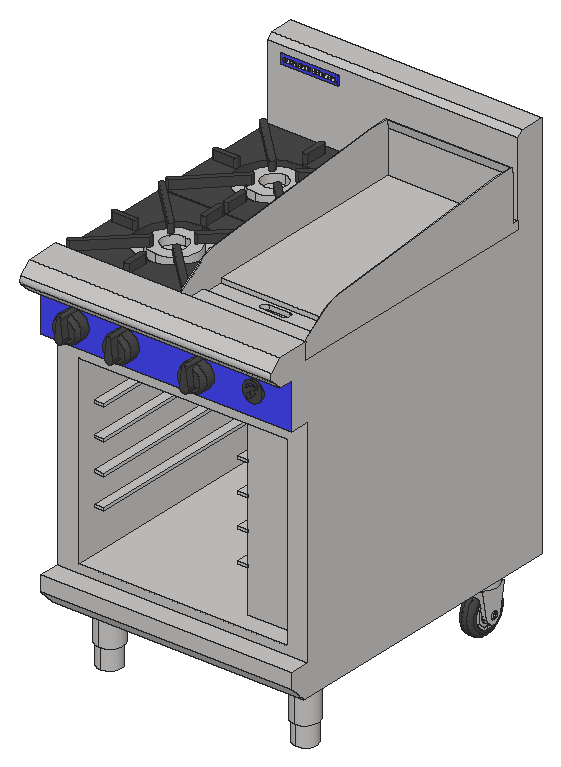
Revit family "QF_MOFFAT_BLUESEAL_CE_G514C-CB", category Specialty Equipment, Revit 2012
Parameters
  Weight in Pounds = 173  # constant formula
  Width [instance] = 600.00 mm  # constant formula
  URL Cutsheet = "www.moffat.com"
  URL = "www.moffat.com"
  Type Mark [instance] = ""
  Status [instance] = ""
  Specification by User [instance] = ""
  Specification by Manufacturer = ""
  Show Logo [instance] = yes
  Show Casters [instance] = yes
  Serial Number = ""
  Seismic Rating = ""
  SMACNA No = ""
  Revision Code [instance] = ""
  Omniclass Number and Title = ""
  NAFEM Spec ID Number = ""
  Model = "G514C-CB"
  Mechanical Remarks = ""
  Mechanical Connection Type = ""
  Masterspec = ""
  Manufacturer = "MOFFAT BLUESEAL"
  Legs [instance] = not(Show Casters)  # no
  Item Number [instance] = ""
  Installed By [instance] = ""
  Identify Quantity as Lot [instance] = yes
  Height = 1085.00 mm  # constant formula
  Gas Size = 3/4"
  Gas RI Height = 0.00 mm
  Gas KW = 21
  Gas Input = 72034.0 Btu/h
  Gas Connection Height = 0.00 mm
  Furnished By [instance] = ""
  Foodservice Equipment Identifier [instance] = yes
  Description = "600MM GAS GRIDDLE PLATE ON CABINET BASE"
  Depth [instance] = 812.00 mm  # constant formula
  CSI MasterFormat = ""
  CSI Master Format = ""
  Back Splash [instance] = 215.00 mm  # constant formula
Reference planes
  plane 1 "BACK": y = 0
  plane 2: z = 0
  plane 3 "LEFT": x = 0
  plane 4 "RIGHT": x = 600
  plane 5 "FRONT": y = -812
  plane 6 "TOP": z = 970
  plane 7 "Center Y": x = 300
  plane 8 "Center X": y = -406
  plane 9 "Base Height": z = 150
  plane 10: z = 915
  plane 11: x = 65
  plane 12: x = 534
  plane 13: y = -625
  plane 14: y = -100
  plane 15: x = 470
  plane 16: z = 655
  plane 17: y = -32
  plane 18: z = 1085
Forms (mm)
  Extrusion 1, solid, material "QF_Finishes_Stainless Steel"
    sketch origin (0, 0, 0) x (0, 1, 0) y (0, 0, 1)
      loop
        line (-100, 150) -> (0, 150) -> (0, 1085) -> (-57.5, 1085) -> (-70, 1072.5) -> (-70, 875) -> (-705, 875) -> (-705, 915) -> (-783.97, 915) -> (-808.485, 890.485)
        arc (-808.485, 890.485) -> (-811.999, 882) -> (-808.485, 873.515) r 12
        line (-808.485, 873.515) -> (-784.97, 850) -> (-749, 850) -> (-749, 740) -> (-100, 740) -> (-100, 150)
      loop
        line (-749, 186) -> (-713, 150) -> (-699, 150) -> (-699, 222.5) -> (-749, 222.5) -> (-749, 186)
    from 0 to 600
  Revolve 2, solid, material "QF_Finishes_Stainless Steel", visible <- "Legs"
    sketch origin (534, -210, 0) x (0, 1, 0) y (0, 0, -1)
      loop
        line (78.25, -150) -> (110, -150) -> (110, 0) -> (82.5, 0) -> (82.5, -50) -> (78.25, -50) -> (78.25, -150)
      axis (110, -150) -> (110, 0)
    angle from 0 to 360
  Revolve 3, solid, material "QF_Finishes_Stainless Steel"
    sketch origin (534, -735, 0) x (0, 1, 0) y (0, 0, -1)
      loop
        line (78.25, -150) -> (110, -150) -> (110, 0) -> (82.5, 0) -> (82.5, -50) -> (78.25, -50) -> (78.25, -150)
      axis (110, -150) -> (110, 0)
    angle from 0 to 360
  Revolve 4, solid, material "QF_Finishes_Stainless Steel", visible <- "Legs"
    sketch origin (65, -210, 0) x (0, 1, 0) y (0, 0, -1)
      loop
        line (78.25, -150) -> (110, -150) -> (110, 0) -> (82.5, 0) -> (82.5, -50) -> (78.25, -50) -> (78.25, -150)
      axis (110, -150) -> (110, 0)
    angle from 0 to 360
  Revolve 5, solid, material "QF_Finishes_Stainless Steel"
    sketch origin (65, -735, 0) x (0, 1, 0) y (0, 0, -1)
      loop
        line (78.25, -150) -> (110, -150) -> (110, 0) -> (82.5, 0) -> (82.5, -50) -> (78.25, -50) -> (78.25, -150)
      axis (110, -150) -> (110, 0)
    angle from 0 to 360
  Revolve 6, solid, material "QF_Finishes_Black"
    sketch origin (90, 7, 600) x (0, 1, 0) y (0, 0, -1)
      loop
        line (-789, -229.5) -> (-766, -229.5) -> (-766, -202) -> (-756, -202) -> (-756, -197) -> (-800, -197) -> (-800, -223.651) -> (-789, -229.5)
      axis (-800, -197) -> (-756, -197)
    angle from 0 to 360
  Extrusion 7, solid, material "QF_Finishes_Black"
    sketch origin (228.27, 0, 600.158) x (-1, 0, 0) y (0, 0, -1)
      loop
        line (143.2, -228.94) -> (148.689, -184.854)
        arc (148.689, -184.854) -> (137.617, -174.355) -> (127.782, -186.021) r 10.487
        line (127.782, -186.021) -> (133.203, -228.94)
        arc (133.203, -228.94) -> (138.201, -233.827) -> (143.2, -228.94) r 5
    from 759 to 808
  Extrusion 8, solid, material "QF_Finishes_Stainless Steel"
    sketch origin (0, -699, 685) x (1, 0, 0) y (0, -1, 0)
      loop
        circle (470, -667) r 13.5
    from -55 to 30
  Extrusion 9, solid, material "QF_Finishes_Stainless Steel"
    sketch origin (0, -100, 685) x (0, 0, 1) y (-1, 0, 0)
      loop
        line (-535, 0) -> (-535, -600) -> (55, -600) -> (55, 0) -> (-535, 0)
      loop
        line (0, -50) -> (-442.5, -50) -> (-442.5, -550) -> (0, -550) -> (0, -50)
    from 0 to 599
  Extrusion 10, solid, material "QF_Finishes_Stainless Steel"
    sketch origin (0, -100, 685) x (0, 0, 1) y (-1, 0, 0)
      loop
        line (-266.25, -50) -> (-266.25, -75) -> (-259.9, -75) -> (-259.9, -50) -> (-266.25, -50)
      loop
        line (-184.9, -75) -> (-184.9, -50) -> (-191.25, -50) -> (-191.25, -75) -> (-184.9, -75)
      loop
        line (-341.25, -50) -> (-341.25, -75) -> (-334.9, -75) -> (-334.9, -50) -> (-341.25, -50)
      loop
        line (-109.9, -75) -> (-109.9, -50) -> (-116.25, -50) -> (-116.25, -75) -> (-109.9, -75)
      loop
        line (-266.25, -419.5) -> (-259.9, -419.5) -> (-259.9, -394.5) -> (-266.25, -394.5) -> (-266.25, -419.5)
      loop
        line (-184.9, -394.5) -> (-191.25, -394.5) -> (-191.25, -419.5) -> (-184.9, -419.5) -> (-184.9, -394.5)
      loop
        line (-341.25, -419.5) -> (-334.9, -419.5) -> (-334.9, -394.5) -> (-341.25, -394.5) -> (-341.25, -419.5)
      loop
        line (-109.9, -394.5) -> (-116.25, -394.5) -> (-116.25, -419.5) -> (-109.9, -419.5) -> (-109.9, -394.5)
    from 0 to 554
  Extrusion 11, solid, material "QF_Finishes_Stainless Steel"
    sketch origin (0, -100, 685) x (0, 0, 1) y (-1, 0, 0)
      loop
        line (0, -550) -> (0, -419.5) -> (-442.5, -419.5) -> (-442.5, -550) -> (0, -550)
    from 546.898 to 554
  Extrusion 12, void
    sketch origin (0, 0, 150) x (-1, 0, 0) y (0, -1, 0)
      loop
        line (-535.614, 87.26) -> (-535.614, -30.24) -> (-406.114, -30.24) -> (-406.114, 38.76) -> (-454.614, 87.26) -> (-535.614, 87.26)
    from 72.5 to 590
  Revolve 13, solid, material "QF_Finishes_Black"
    sketch origin (390, 7, 600) x (0, 1, 0) y (0, 0, -1)
      loop
        line (-789, -229.5) -> (-766, -229.5) -> (-766, -202) -> (-756, -202) -> (-756, -197) -> (-800, -197) -> (-800, -223.651) -> (-789, -229.5)
      axis (-800, -197) -> (-756, -197)
    angle from 0 to 360
  Extrusion 14, solid, material "QF_Finishes_Black"
    sketch origin (528.27, 0, 600.158) x (-1, 0, 0) y (0, 0, -1)
      loop
        line (143.2, -228.94) -> (148.689, -184.854)
        arc (148.689, -184.854) -> (137.617, -174.355) -> (127.782, -186.021) r 10.487
        line (127.782, -186.021) -> (133.203, -228.94)
        arc (133.203, -228.94) -> (138.201, -233.827) -> (143.2, -228.94) r 5
    from 759 to 808
  Extrusion 15, solid, material "QF_Finishes_Black"
    sketch origin (0, -749, 850) x (0, 0, -1) y (1, 0, 0)
      loop
        circle (53, 510) r 23.9
      loop
        arc (45.641, 518.419) -> (46.501, 523.219) -> (41.701, 524.079) r 3.448
        arc (41.701, 524.079) -> (35.116, 509.341) -> (42.919, 495.209) r 18.095
        arc (42.919, 495.209) -> (47.641, 496.491) -> (46.326, 501.204) r 3.448
        arc (46.326, 501.204) -> (42.758, 509.683) -> (45.641, 518.419) r 13.109
    from 0 to 5
  Revolve 16, solid, material "QF_Finishes_Stainless Steel", visible <- "Legs"
    sketch origin (65, -165, 0) x (0, 1, 0) y (0, 0, 1)
      loop
        line (34.25, 150) -> (34.25, 50) -> (38.5, 50) -> (38.5, 0) -> (66, 0) -> (66, 150) -> (34.25, 150)
      axis (66, 150) -> (66, 0)
    angle from 0 to 360
  Revolve 17, solid, material "QF_Finishes_Stainless Steel", visible <- "Legs"
    sketch origin (535, -165, 0) x (0, 1, 0) y (0, 0, -1)
      loop
        line (34.25, -150) -> (66, -150) -> (66, 0) -> (38.5, 0) -> (38.5, -50) -> (34.25, -50) -> (34.25, -150)
      axis (66, -150) -> (66, 0)
    angle from 0 to 360
  Revolve 18, solid, material "QF_Finishes_Stainless Steel", visible <- "Show Casters"
    sketch origin (15.776, -99.755, -13.653) x (1, 0, 0) y (0, 0, 1)
      loop
        line (14.841, 63.604) -> (83.584, 63.604) -> (83.584, 67.109) -> (82.314, 68.379) -> (80.79, 68.379) -> (80.79, 71.826) -> (68.644, 71.826) -> (68.644, 81.79) -> (65.088, 83.843) -> (63.738, 92.179) -> (65.881, 92.179) -> (65.881, 98.529) -> (65.088, 98.529) -> (65.088, 104.879)
        arc (65.088, 104.879) -> (62.298, 111.614) -> (55.563, 114.404) r 9.525
        line (55.563, 114.404) -> (42.863, 114.404)
        arc (42.863, 114.404) -> (36.127, 111.614) -> (33.338, 104.879) r 9.525
        line (33.338, 104.879) -> (33.338, 98.529) -> (32.544, 98.529) -> (32.544, 92.179) -> (34.687, 92.179) -> (33.352, 83.932) -> (29.782, 81.871) -> (29.782, 71.826) -> (17.635, 71.826) -> (17.635, 68.379) -> (16.111, 68.379) -> (14.841, 67.109) -> (14.841, 63.604)
      axis (14.841, 63.604) -> (83.584, 63.604)
    angle from 0 to 360
  Extrusion 19, solid, material "QF_Finishes_Stainless Steel", visible <- "Show Casters"
    sketch origin (71.501, 133.353, -8.783) x (0, 1, 0) y (0, 0, 1)
      loop
        line (-200.603, 118.783) -> (-264.103, 118.783) -> (-251.746, 53.895)
        arc (-251.746, 53.895) -> (-232.353, 38.783) -> (-212.959, 53.895) r 20
        line (-212.959, 53.895) -> (-200.603, 118.783)
    from -35.667 to 22.923
  Revolve 20, solid, material "QF_Finishes_Stainless Steel", visible <- "Show Casters"
    sketch origin (65, -203, 0) x (0, 1, 0) y (0, 0, 1)
      loop
        line (68.25, 150) -> (68.25, 110) -> (104, 110) -> (104, 150) -> (68.25, 150)
      axis (104, 150) -> (104, 110)
    angle from 0 to 360
  Revolve 21, solid, material "QF_Finishes_Stainless Steel", visible <- "Legs"
    sketch origin (65, -165, 0) x (0, 1, 0) y (0, 0, 1)
      loop
        line (34.25, 150) -> (34.25, 50) -> (38.5, 50) -> (38.5, 0) -> (66, 0) -> (66, 150) -> (34.25, 150)
      axis (66, 150) -> (66, 0)
    angle from 0 to 360
  Revolve 22, solid, material "QF_Finishes_Stainless Steel", visible <- "Show Casters"
    sketch origin (485.776, -99.755, -13.653) x (1, 0, 0) y (0, 0, 1)
      loop
        line (14.841, 63.604) -> (83.584, 63.604) -> (83.584, 67.109) -> (82.314, 68.379) -> (80.79, 68.379) -> (80.79, 71.826) -> (68.644, 71.826) -> (68.644, 81.79) -> (65.088, 83.843) -> (63.738, 92.179) -> (65.881, 92.179) -> (65.881, 98.529) -> (65.088, 98.529) -> (65.088, 104.879)
        arc (65.088, 104.879) -> (62.298, 111.614) -> (55.563, 114.404) r 9.525
        line (55.563, 114.404) -> (42.863, 114.404)
        arc (42.863, 114.404) -> (36.127, 111.614) -> (33.338, 104.879) r 9.525
        line (33.338, 104.879) -> (33.338, 98.529) -> (32.544, 98.529) -> (32.544, 92.179) -> (34.687, 92.179) -> (33.352, 83.932) -> (29.782, 81.871) -> (29.782, 71.826) -> (17.635, 71.826) -> (17.635, 68.379) -> (16.111, 68.379) -> (14.841, 67.109) -> (14.841, 63.604)
      axis (14.841, 63.604) -> (83.584, 63.604)
    angle from 0 to 360
  Extrusion 23, solid, material "QF_Finishes_Stainless Steel", visible <- "Show Casters"
    sketch origin (541.501, 133.353, -8.783) x (0, 1, 0) y (0, 0, 1)
      loop
        line (-200.603, 118.783) -> (-264.103, 118.783) -> (-251.746, 53.895)
        arc (-251.746, 53.895) -> (-232.353, 38.783) -> (-212.959, 53.895) r 20
        line (-212.959, 53.895) -> (-200.603, 118.783)
    from -35.667 to 22.923
  Revolve 24, solid, material "QF_Finishes_Stainless Steel", visible <- "Show Casters"
    sketch origin (535, -203, 0) x (0, 1, 0) y (0, 0, 1)
      loop
        line (68.25, 150) -> (68.25, 110) -> (104, 110) -> (104, 150) -> (68.25, 150)
      axis (104, 150) -> (104, 110)
    angle from 0 to 360
  Extrusion 25, solid, material "QF_Finishes_Black"
    sketch origin (0, -754, 850) x (0, 0, -1) y (1, 0, 0)
      loop
        circle (56.5, 510) r 5.75
    from 0 to 10
  Revolve 26, solid, material "QF_Finishes_Black"
    sketch origin (209.882, 6.921, 599.5) x (0, 1, 0) y (0, 0, -1)
      loop
        line (-789, -229.5) -> (-766, -229.5) -> (-766, -202) -> (-756, -202) -> (-756, -197) -> (-800, -197) -> (-800, -223.651) -> (-789, -229.5)
      axis (-800, -197) -> (-756, -197)
    angle from 0 to 360
  Extrusion 27, solid, material "QF_Finishes_Black"
    sketch origin (209.882, -759.079, 796.5) x (0, 0, 1) y (1, 0, 0)
      loop
        arc (32.192, -4.965) -> (37.079, 0.034) -> (32.192, 5.033) r 5
        line (32.192, 5.033) -> (-10.726, 10.453)
        arc (-10.726, 10.453) -> (-22.392, 0.618) -> (-11.893, -10.454) r 10.487
        line (-11.893, -10.454) -> (32.192, -4.965)
    from 0 to -49
Cuts and joins
  Extrusion 12 cuts Extrusion 1
  joined: Extrusion 1, Extrusion 9
Lines and regions (mm)
  Split face 1
    outline origin (600, 0, 1085) x (-1, 0, 0) y (0, -1, 0)
      loop
        arc (35.206, 45.385) -> (26.545, 40.385) -> (26.545, 30.385) r 10
        line (26.545, 30.385) -> (30.587, 23.385)
        arc (30.587, 23.385) -> (34.247, 19.725) -> (39.247, 18.385) r 10
        line (39.247, 18.385) -> (267.206, 18.385)
        arc (267.206, 18.385) -> (275.866, 23.385) -> (275.866, 33.385) r 10
        line (275.866, 33.385) -> (271.824, 40.385)
        arc (271.824, 40.385) -> (268.164, 44.045) -> (263.164, 45.385) r 10
        line (263.164, 45.385) -> (35.206, 45.385)
  Split face 2
    outline origin (600, 0, 1085) x (-1, 0, 0) y (0, -1, 0)
      loop
        arc (335.206, 45.385) -> (326.545, 40.385) -> (326.545, 30.385) r 10
        line (326.545, 30.385) -> (330.587, 23.385)
        arc (330.587, 23.385) -> (334.247, 19.725) -> (339.247, 18.385) r 10
        line (339.247, 18.385) -> (567.206, 18.385)
        arc (567.206, 18.385) -> (575.866, 23.385) -> (575.866, 33.385) r 10
        line (575.866, 33.385) -> (571.824, 40.385)
        arc (571.824, 40.385) -> (568.164, 44.045) -> (563.164, 45.385) r 10
        line (563.164, 45.385) -> (335.206, 45.385)
  symbolic lines
    curve 1: line (0, 0, 0) -> (0, -812, 0)
    curve 2: line (600, 0, 0) -> (0, 0, 0)
    curve 3: line (600, -812, 0) -> (600, 0, 0)
    curve 4: line (0, -812, 0) -> (600, -812, 0)
    curve 13: line (0, -57.5, 150) -> (600, -57.5, 150)
    curve 14: line (0, -70, 150) -> (600, -70, 150)
    curve 15: line (0, -783.97, 150) -> (600, -783.97, 150)
    curve 16: line (260.753, -18.385, 0) -> (32.794, -18.385, 0)
    curve 17: arc (32.794, -18.385, 0) -> (24.134, -23.385, 0) -> (24.134, -33.385, 0) r 10
    curve 18: line (24.134, -33.385, 0) -> (28.176, -40.385, 0)
    curve 19: arc (28.176, -40.385, 0) -> (31.836, -44.045, 0) -> (36.836, -45.385, 0) r 10
    curve 20: line (36.836, -45.385, 0) -> (264.794, -45.385, 0)
    curve 21: arc (264.794, -45.385, 0) -> (273.455, -40.385, 0) -> (273.455, -30.385, 0) r 10
    curve 22: line (273.455, -30.385, 0) -> (269.413, -23.385, 0)
    curve 23: arc (269.413, -23.385, 0) -> (265.753, -19.725, 0) -> (260.753, -18.385, 0) r 10
    curve 24: line (332.794, -18.385, 0) -> (560.753, -18.385, 0)
    curve 25: arc (560.753, -18.385, 0) -> (565.753, -19.725, 0) -> (569.413, -23.385, 0) r 10
    curve 26: line (569.413, -23.385, 0) -> (573.455, -30.385, 0)
    curve 27: arc (573.455, -30.385, 0) -> (573.455, -40.385, 0) -> (564.794, -45.385, 0) r 10
    curve 28: line (564.794, -45.385, 0) -> (336.836, -45.385, 0)
    curve 29: arc (336.836, -45.385, 0) -> (331.836, -44.045, 0) -> (328.176, -40.385, 0) r 10
    curve 30: line (328.176, -40.385, 0) -> (324.134, -33.385, 0)
    curve 31: arc (324.134, -33.385, 0) -> (324.134, -23.385, 0) -> (332.794, -18.385, 0) r 10
  symbolic lines, style "SpecialityEquipmentHiddenLines", visible <- "Show Casters"
    curve 5: line (78.456, -46.735, 0) -> (105.952, -62.61, 0)
    curve 6: line (27.656, -134.723, 0) -> (78.456, -46.735, 0)
    curve 7: line (55.152, -150.598, 0) -> (27.656, -134.723, 0)
    curve 8: line (105.952, -62.61, 0) -> (55.152, -150.598, 0)
    curve 9: line (548.456, -46.735, 0) -> (575.952, -62.61, 0)
    curve 10: line (497.656, -134.723, 0) -> (548.456, -46.735, 0)
    curve 11: line (525.152, -150.598, 0) -> (497.656, -134.723, 0)
    curve 12: line (575.952, -62.61, 0) -> (525.152, -150.598, 0)
Dimensions and locks
  equal spacing: plane 3 "LEFT", plane 7 "Center Y", plane 4 "RIGHT"
  "Width": plane 3 "LEFT" to plane 4 "RIGHT"
  equal spacing: plane 5 "FRONT", plane 8 "Center X", plane 1 "BACK"
  "Depth": plane 5 "FRONT" to plane 1 "BACK"
  locked: plane 10 to level at 915
  locked: plane 9 "Base Height" to level at 150
  plane 6 "TOP" to plane 10 = 55.00 mm
  plane 13 to plane 14 = 525.00 mm
  plane 12 to plane 11 = 469.00 mm
  plane 15 to plane 4 "RIGHT" = 130.00 mm
  plane 16 to level = 655.00 mm
  plane 17 to plane 1 "BACK" = 32.00 mm
  "Height": plane 18 to plane 2
  Revolve 18 sketch curve to Revolve 18 sketch curve = 50.80 mm
  Revolve 22 sketch curve to Revolve 22 sketch curve = 50.80 mm
  Extrusion 8 sketch curve to plane 1 "BACK" = 32.00 mm
  plane 16 to plane 2 = 655.00 mm
  aligned and locked: level to plane 2
Automatic sketch dimensions
  plane 1 "BACK" to curve 1 = 0.00 mm
  curve 1 to plane 3 "LEFT" = 0.00 mm
  curve 2 to plane 4 "RIGHT" = 0.00 mm
  plane 5 "FRONT" to curve 4 = 0.00 mm
  Extrusion 1 sketch curve to plane 10 = 0.00 mm
  Extrusion 1 sketch curve to plane 9 "Base Height" = 0.00 mm  (x2)
  Extrusion 1 sketch curve to plane 14 = 0.00 mm
  Extrusion 1 sketch curve to plane 18 = 0.00 mm
  Extrusion 1 sketch curve to plane 1 "BACK" = 0.00 mm
  Extrusion 1 sketch curve to plane 13 = 74.00 mm
  Extrusion 1 sketch curve to plane 10 = 40.00 mm
  Extrusion 1 sketch curve to plane 13 = 80.00 mm
  Extrusion 1 sketch curve to Extrusion 1 sketch curve = 14.00 mm
  Extrusion 1 sketch curve to Extrusion 1 sketch curve = 36.00 mm
  Extrusion 1 sketch curve to plane 5 "FRONT" = 63.00 mm
  Extrusion 1 sketch curve to plane 5 "FRONT" = 28.03 mm
  Extrusion 1 sketch curve to plane 5 "FRONT" = 27.03 mm
  Extrusion 1 sketch curve to plane 5 "FRONT" = 12.001 mm
  Extrusion 1 sketch curve to plane 5 "FRONT" = 3.515 mm  (x2)
  plane 14 to Extrusion 1 sketch curve = 30.00 mm
  Extrusion 1 sketch curve to Extrusion 1 sketch curve = 12.50 mm
  plane 9 "Base Height" to Extrusion 1 sketch curve = 36.00 mm
  Extrusion 1 sketch curve to Extrusion 1 sketch curve = 36.50 mm
  plane 16 to Extrusion 1 sketch curve = 85.00 mm
  Extrusion 1 sketch curve to Extrusion 1 sketch curve = 25.00 mm
  Extrusion 1 sketch curve to Extrusion 1 sketch curve = 23.515 mm
  Extrusion 1 sketch curve to Extrusion 1 sketch curve = 8.485 mm
  Extrusion 1 sketch curve to plane 18 = 12.50 mm
  Revolve 2 sketch curve to plane 9 "Base Height" = 0.00 mm
  Revolve 2 sketch curve to level = 0.00 mm
  Revolve 2 sketch curve to plane 14 = 0.00 mm  (x2)
  Revolve 2 sketch curve to plane 14 = 27.50 mm
  Revolve 2 sketch curve to plane 14 = 31.75 mm
  level to Revolve 2 sketch curve = 50.00 mm
  Revolve 2 sketch curve to Revolve 2 sketch curve = 0.00 mm
  Revolve 2 sketch curve to Revolve 2 sketch curve = 55.00 mm
  Revolve 3 sketch curve to plane 9 "Base Height" = 0.00 mm
  Revolve 3 sketch curve to level = 0.00 mm
  Revolve 3 sketch curve to plane 13 = 0.00 mm  (x2)
  Revolve 3 sketch curve to plane 13 = 27.50 mm
  Revolve 3 sketch curve to plane 13 = 31.75 mm
  level to Revolve 3 sketch curve = 50.00 mm
  Revolve 3 sketch curve to Revolve 3 sketch curve = 0.00 mm
  Revolve 3 sketch curve to Revolve 3 sketch curve = 55.00 mm
  Revolve 4 sketch curve to plane 9 "Base Height" = 0.00 mm
  Revolve 4 sketch curve to level = 0.00 mm
  Revolve 4 sketch curve to plane 14 = 0.00 mm  (x2)
  Revolve 4 sketch curve to plane 14 = 27.50 mm
  Revolve 4 sketch curve to plane 14 = 31.75 mm
  level to Revolve 4 sketch curve = 50.00 mm
  Revolve 4 sketch curve to Revolve 4 sketch curve = 0.00 mm
  Revolve 4 sketch curve to Revolve 4 sketch curve = 55.00 mm
  Revolve 5 sketch curve to plane 9 "Base Height" = 0.00 mm
  Revolve 5 sketch curve to level = 0.00 mm
  Revolve 5 sketch curve to plane 13 = 0.00 mm  (x2)
  Revolve 5 sketch curve to plane 13 = 27.50 mm
  Revolve 5 sketch curve to plane 13 = 31.75 mm
  level to Revolve 5 sketch curve = 50.00 mm
  Revolve 5 sketch curve to Revolve 5 sketch curve = 0.00 mm
  Revolve 5 sketch curve to Revolve 5 sketch curve = 55.00 mm
  Revolve 6 sketch curve to plane 5 "FRONT" = 19.00 mm
  Revolve 6 sketch curve to Revolve 6 sketch curve = 0.00 mm  (x2)
  Revolve 6 sketch curve to Revolve 6 sketch curve = 11.00 mm
  Revolve 6 sketch curve to Revolve 6 sketch curve = 12.70 mm
  Revolve 6 sketch curve to Revolve 6 sketch curve = 23.00 mm
  Revolve 6 sketch curve to Revolve 6 sketch curve = 10.00 mm
  Revolve 6 sketch curve to plane 10 = 85.50 mm
  Revolve 6 sketch curve to Revolve 6 sketch curve = 5.849 mm
  Revolve 6 sketch curve to Revolve 6 sketch curve = 27.50 mm
  Revolve 6 sketch curve to Revolve 6 sketch curve = 5.00 mm
  plane 11 to Extrusion 7 sketch curve = 35.487 mm
  Extrusion 7 sketch curve to Extrusion 7 sketch curve = 5.421 mm
  Extrusion 7 sketch curve to Extrusion 7 sketch curve = 4.999 mm  (x2)
  Extrusion 7 sketch curve to Extrusion 7 sketch curve = 10.419 mm
  Extrusion 7 sketch curve to Extrusion 7 sketch curve = 10.487 mm
  Extrusion 7 sketch curve to plane 10 = 85.902 mm
  Extrusion 7 sketch curve to Extrusion 7 sketch curve = 0.113 mm
  Extrusion 7 sketch curve to Extrusion 7 sketch curve = 42.919 mm
  Extrusion 7 sketch curve to Extrusion 7 sketch curve = 1.167 mm
  Extrusion 8 sketch curve to plane 15 = 0.00 mm
  Extrusion 1 to Extrusion 9 sketch curve = 0.00 mm
  Extrusion 9 sketch curve to Extrusion 1 = 0.00 mm  (x3)
  Extrusion 1 to Extrusion 9 sketch curve = 92.50 mm
  Extrusion 1 to Extrusion 9 sketch curve = 55.00 mm
  Extrusion 1 to Extrusion 9 sketch curve = 50.00 mm  (x2)
  Extrusion 1 to Extrusion 10 sketch curve = 50.00 mm  (x2)
  Extrusion 1 to Extrusion 10 sketch curve = 193.75 mm  (x2)
  Extrusion 10 sketch curve to Extrusion 10 sketch curve = 6.35 mm  (x8)
  Extrusion 10 sketch curve to Extrusion 10 sketch curve = 68.65 mm  (x6)
  Extrusion 10 sketch curve to Extrusion 10 sketch curve = 25.00 mm  (x8)
  Extrusion 10 sketch curve to Extrusion 10 sketch curve = 0.00 mm  (x4)
  Extrusion 1 to Extrusion 10 sketch curve = 75.00 mm
  Extrusion 1 to Extrusion 10 sketch curve = 205.50 mm
  Extrusion 1 to Extrusion 11 sketch curve = 92.50 mm
  Extrusion 1 to Extrusion 11 sketch curve = 55.00 mm
  Extrusion 1 to Extrusion 11 sketch curve = 50.00 mm
  Extrusion 11 sketch curve to Extrusion 11 sketch curve = 130.50 mm
  Extrusion 12 sketch curve to plane 12 = 1.614 mm
  Extrusion 12 sketch curve to plane 15 = 15.386 mm
  Extrusion 12 sketch curve to plane 17 = 6.76 mm
  Extrusion 12 sketch curve to plane 15 = 63.886 mm
  Extrusion 12 sketch curve to plane 1 "BACK" = 30.24 mm
  plane 14 to Extrusion 12 sketch curve = 12.74 mm
  Revolve 13 sketch curve to plane 5 "FRONT" = 19.00 mm
  Revolve 13 sketch curve to Revolve 13 sketch curve = 0.00 mm  (x2)
  Revolve 13 sketch curve to Revolve 13 sketch curve = 11.00 mm
  Revolve 13 sketch curve to Revolve 13 sketch curve = 12.70 mm
  Revolve 13 sketch curve to Revolve 13 sketch curve = 23.00 mm
  Revolve 13 sketch curve to Revolve 13 sketch curve = 10.00 mm
  Revolve 13 sketch curve to plane 10 = 85.50 mm
  Revolve 13 sketch curve to Revolve 13 sketch curve = 5.849 mm
  Revolve 13 sketch curve to Revolve 13 sketch curve = 27.50 mm
  Revolve 13 sketch curve to Revolve 13 sketch curve = 5.00 mm
  Extrusion 14 sketch curve to plane 15 = 69.513 mm
  Extrusion 14 sketch curve to plane 15 = 74.933 mm
  Extrusion 14 sketch curve to Extrusion 14 sketch curve = 4.999 mm  (x2)
  Extrusion 14 sketch curve to Extrusion 14 sketch curve = 10.419 mm
  Extrusion 14 sketch curve to Extrusion 14 sketch curve = 10.487 mm
  Extrusion 14 sketch curve to plane 10 = 85.902 mm
  Extrusion 14 sketch curve to Extrusion 14 sketch curve = 0.113 mm
  Extrusion 14 sketch curve to Extrusion 14 sketch curve = 42.919 mm
  Extrusion 14 sketch curve to Extrusion 14 sketch curve = 1.167 mm
  curve 7 to plane 11 = 9.848 mm
  plane 11 to curve 6 = 13.456 mm
  curve 5 to curve 8 = 27.496 mm
  plane 12 to curve 11 = 8.848 mm
  curve 10 to plane 12 = 14.456 mm
  plane 4 "RIGHT" to curve 12 = 24.048 mm
  curve 7 to curve 7 = 15.875 mm
  curve 11 to curve 11 = 15.875 mm
  curve 9 to plane 17 = 14.735 mm
  curve 5 to plane 17 = 14.735 mm
  Revolve 16 sketch curve to plane 9 "Base Height" = 0.00 mm
  Revolve 16 sketch curve to level = 0.00 mm
  Revolve 16 sketch curve to plane 14 = 30.75 mm
  Revolve 16 sketch curve to plane 14 = 26.50 mm
  plane 14 to Revolve 16 sketch curve = 1.00 mm  (x2)
  Revolve 16 sketch curve to Revolve 16 sketch curve = 55.00 mm
  level to Revolve 16 sketch curve = 50.00 mm
  Revolve 16 sketch curve to Revolve 16 sketch curve = 0.00 mm
  Revolve 17 sketch curve to plane 9 "Base Height" = 0.00 mm
  Revolve 17 sketch curve to level = 0.00 mm
  Revolve 17 sketch curve to plane 14 = 30.75 mm
  Revolve 17 sketch curve to plane 14 = 26.50 mm
  plane 14 to Revolve 17 sketch curve = 1.00 mm  (x2)
  level to Revolve 17 sketch curve = 50.00 mm
  Revolve 17 sketch curve to Revolve 17 sketch curve = 0.00 mm
  Revolve 17 sketch curve to Revolve 17 sketch curve = 55.00 mm
  plane 3 "LEFT" to Revolve 18 sketch curve = 30.618 mm
  Revolve 18 sketch curve to Revolve 18 sketch curve = 1.27 mm  (x4)
  Revolve 18 sketch curve to Revolve 18 sketch curve = 1.524 mm  (x2)
  Revolve 18 sketch curve to Revolve 18 sketch curve = 12.146 mm  (x2)
  Revolve 18 sketch curve to plane 11 = 16.68 mm
  Revolve 18 sketch curve to Revolve 18 sketch curve = 0.794 mm  (x2)
  Revolve 18 sketch curve to Revolve 18 sketch curve = 3.57 mm
  Revolve 18 sketch curve to Revolve 18 sketch curve = 2.143 mm
  Revolve 18 sketch curve to plane 11 = 6.361 mm
  plane 11 to Revolve 18 sketch curve = 5.13 mm
  plane 11 to Revolve 18 sketch curve = 6.339 mm
  plane 11 to Revolve 18 sketch curve = 14.515 mm
  Revolve 18 sketch curve to Revolve 18 sketch curve = 1.349 mm  (x2)
  Revolve 18 sketch curve to Revolve 18 sketch curve = 3.556 mm
  Revolve 18 sketch curve to Revolve 18 sketch curve = 33.32 mm
  level to Revolve 18 sketch curve = 49.952 mm
  Revolve 18 sketch curve to Revolve 18 sketch curve = 0.00 mm
  Revolve 18 sketch curve to Revolve 18 sketch curve = 3.505 mm  (x2)
  Revolve 18 sketch curve to Revolve 18 sketch curve = 3.447 mm  (x2)
  Revolve 18 sketch curve to Revolve 18 sketch curve = 9.964 mm
  Revolve 18 sketch curve to Revolve 18 sketch curve = 10.045 mm
  Revolve 18 sketch curve to Revolve 18 sketch curve = 2.053 mm
  Revolve 18 sketch curve to Revolve 18 sketch curve = 2.061 mm
  Revolve 18 sketch curve to Revolve 18 sketch curve = 8.247 mm
  Revolve 18 sketch curve to Revolve 18 sketch curve = 8.336 mm
  Revolve 18 sketch curve to Revolve 18 sketch curve = 6.35 mm  (x2)
  Extrusion 19 sketch curve to plane 14 = 30.75 mm
  Extrusion 19 sketch curve to plane 14 = 18.393 mm
  plane 14 to Extrusion 19 sketch curve = 1.00 mm
  Extrusion 19 sketch curve to Extrusion 19 sketch curve = 19.393 mm
  plane 14 to Extrusion 19 sketch curve = 32.75 mm
  level to Extrusion 19 sketch curve = 45.111 mm
  Extrusion 19 sketch curve to Extrusion 19 sketch curve = 4.889 mm
  Extrusion 19 sketch curve to plane 9 "Base Height" = 40.00 mm
  Revolve 20 sketch curve to plane 9 "Base Height" = 0.00 mm
  Revolve 20 sketch curve to plane 14 = 34.75 mm
  plane 14 to Revolve 20 sketch curve = 1.00 mm  (x2)
  Revolve 20 sketch curve to plane 9 "Base Height" = 40.00 mm
  level to Revolve 20 sketch curve = 50.00 mm
  Revolve 20 sketch curve to level = 55.00 mm
  Revolve 21 sketch curve to plane 9 "Base Height" = 0.00 mm
  Revolve 21 sketch curve to level = 0.00 mm
  Revolve 21 sketch curve to plane 14 = 30.75 mm
  Revolve 21 sketch curve to plane 14 = 26.50 mm
  plane 14 to Revolve 21 sketch curve = 1.00 mm  (x2)
  Revolve 21 sketch curve to Revolve 21 sketch curve = 55.00 mm
  level to Revolve 21 sketch curve = 50.00 mm
  Revolve 21 sketch curve to Revolve 21 sketch curve = 0.00 mm
  plane 15 to Revolve 22 sketch curve = 30.618 mm
  Revolve 22 sketch curve to Revolve 22 sketch curve = 1.27 mm  (x4)
  Revolve 22 sketch curve to Revolve 22 sketch curve = 1.524 mm  (x2)
  Revolve 22 sketch curve to Revolve 22 sketch curve = 12.146 mm  (x2)
  plane 12 to Revolve 22 sketch curve = 15.68 mm
  Revolve 22 sketch curve to Revolve 22 sketch curve = 0.794 mm  (x2)
  Revolve 22 sketch curve to Revolve 22 sketch curve = 3.57 mm
  Revolve 22 sketch curve to Revolve 22 sketch curve = 2.143 mm
  plane 12 to Revolve 22 sketch curve = 5.361 mm
  Revolve 22 sketch curve to plane 12 = 6.13 mm
  Revolve 22 sketch curve to plane 12 = 7.339 mm
  Revolve 22 sketch curve to Revolve 22 sketch curve = 8.176 mm
  Revolve 22 sketch curve to Revolve 22 sketch curve = 1.349 mm  (x2)
  Revolve 22 sketch curve to Revolve 22 sketch curve = 3.556 mm
  Revolve 22 sketch curve to plane 4 "RIGHT" = 2.68 mm
  level to Revolve 22 sketch curve = 49.952 mm
  Revolve 22 sketch curve to Revolve 22 sketch curve = 0.00 mm
  Revolve 22 sketch curve to Revolve 22 sketch curve = 3.505 mm  (x2)
  Revolve 22 sketch curve to Revolve 22 sketch curve = 3.447 mm  (x2)
  Revolve 22 sketch curve to Revolve 22 sketch curve = 9.964 mm
  Revolve 22 sketch curve to Revolve 22 sketch curve = 10.045 mm
  Revolve 22 sketch curve to Revolve 22 sketch curve = 2.053 mm
  Revolve 22 sketch curve to Revolve 22 sketch curve = 2.061 mm
  Revolve 22 sketch curve to Revolve 22 sketch curve = 8.247 mm
  Revolve 22 sketch curve to Revolve 22 sketch curve = 8.336 mm
  Revolve 22 sketch curve to Revolve 22 sketch curve = 6.35 mm  (x2)
  Extrusion 23 sketch curve to plane 14 = 30.75 mm
  Extrusion 23 sketch curve to plane 14 = 18.393 mm
  plane 14 to Extrusion 23 sketch curve = 1.00 mm
  Extrusion 23 sketch curve to Extrusion 23 sketch curve = 19.393 mm
  plane 14 to Extrusion 23 sketch curve = 32.75 mm
  level to Extrusion 23 sketch curve = 45.111 mm
  Extrusion 23 sketch curve to Extrusion 23 sketch curve = 4.889 mm
  Extrusion 23 sketch curve to plane 9 "Base Height" = 40.00 mm
  Revolve 24 sketch curve to plane 9 "Base Height" = 0.00 mm
  Revolve 24 sketch curve to plane 14 = 34.75 mm
  plane 14 to Revolve 24 sketch curve = 1.00 mm  (x2)
  Revolve 24 sketch curve to plane 9 "Base Height" = 40.00 mm
  level to Revolve 24 sketch curve = 50.00 mm
  Revolve 24 sketch curve to level = 55.00 mm
  Split face 1 sketch curve to cut or joined group of Extrusion 1, Extrusion 9, Extrusion 12 = 26.545 mm
  Split face 1 sketch curve to Split face 1 sketch curve = 4.041 mm  (x4)
  Split face 1 sketch curve to Split face 1 sketch curve = 8.66 mm  (x2)
  Split face 1 sketch curve to cut or joined group of Extrusion 1, Extrusion 9, Extrusion 12 = 22.115 mm
  Split face 1 sketch curve to Split face 1 sketch curve = 223.917 mm
  Split face 1 sketch curve to cut or joined group of Extrusion 1, Extrusion 9, Extrusion 12 = 17.115 mm
  Split face 1 sketch curve to Split face 1 sketch curve = 10.00 mm
  Split face 1 sketch curve to Split face 1 sketch curve = 7.00 mm  (x3)
  Split face 2 sketch curve to cut or joined group of Extrusion 1, Extrusion 9, Extrusion 12 = 27.115 mm
  Split face 2 sketch curve to cut or joined group of Extrusion 1, Extrusion 9, Extrusion 12 = 273.455 mm
  Split face 2 sketch curve to cut or joined group of Extrusion 1, Extrusion 9, Extrusion 12 = 23.385 mm
  Split face 2 sketch curve to Split face 2 sketch curve = 4.041 mm  (x4)
  Split face 2 sketch curve to Split face 2 sketch curve = 8.66 mm  (x2)
  Split face 2 sketch curve to cut or joined group of Extrusion 1, Extrusion 9, Extrusion 12 = 22.115 mm
  Split face 2 sketch curve to cut or joined group of Extrusion 1, Extrusion 9, Extrusion 12 = 36.836 mm
  Split face 2 sketch curve to Split face 2 sketch curve = 17.00 mm
  Split face 2 sketch curve to Split face 2 sketch curve = 7.00 mm  (x2)
  Extrusion 1 to Extrusion 15 sketch curve = 41.701 mm
  Extrusion 15 sketch curve to Extrusion 15 sketch curve = 1.218 mm
  Extrusion 15 sketch curve to Extrusion 15 sketch curve = 1.97 mm  (x2)
  Extrusion 15 sketch curve to Extrusion 15 sketch curve = 1.724 mm
  Extrusion 15 sketch curve to Extrusion 15 sketch curve = 1.683 mm
  Extrusion 15 sketch curve to Extrusion 15 sketch curve = 6.674 mm
  Extrusion 15 sketch curve to Extrusion 15 sketch curve = 0.195 mm
  Extrusion 15 sketch curve to Extrusion 15 sketch curve = 2.662 mm
  Extrusion 1 to Extrusion 15 sketch curve = 104.791 mm
  Extrusion 15 sketch curve to Extrusion 15 sketch curve = 2.986 mm
  Extrusion 15 sketch curve to Extrusion 15 sketch curve = 8.796 mm
  Extrusion 15 sketch curve to Extrusion 15 sketch curve = 0.103 mm
  Extrusion 15 sketch curve to Extrusion 15 sketch curve = 0.102 mm
  curve 17 to plane 17 = 1.385 mm
  plane 3 "LEFT" to curve 17 = 24.134 mm
  curve 18 to plane 17 = 8.385 mm
  curve 18 to curve 18 = 4.041 mm
  curve 17 to curve 17 = 8.66 mm
  curve 19 to curve 20 = 8.66 mm
  plane 17 to curve 23 = 13.615 mm
  curve 23 to plane 7 "Center Y" = 39.247 mm
  curve 21 to plane 17 = 3.385 mm
  curve 23 to curve 21 = 4.041 mm
  plane 17 to curve 22 = 8.615 mm
  curve 16 to curve 22 = 8.66 mm
  plane 17 to curve 21 = 1.615 mm
  curve 22 to curve 21 = 4.041 mm
  curve 31 to plane 17 = 1.385 mm
  plane 7 "Center Y" to curve 31 = 24.134 mm
  curve 30 to curve 29 = 4.041 mm
  plane 17 to curve 31 = 13.615 mm
  curve 30 to curve 31 = 8.66 mm
  curve 29 to plane 17 = 3.385 mm
  curve 31 to curve 29 = 4.041 mm
  curve 25 to plane 12 = 26.753 mm
  curve 9 to curve 28 = 16.339 mm
  plane 17 to curve 25 = 8.615 mm
  curve 24 to curve 25 = 8.66 mm
  plane 17 to curve 27 = 1.615 mm
  curve 25 to curve 27 = 4.041 mm
  curve 29 to curve 29 = 10.00 mm
  Revolve 26 sketch curve to plane 5 "FRONT" = 18.921 mm
  Revolve 26 sketch curve to Revolve 26 sketch curve = 0.00 mm  (x2)
  Revolve 26 sketch curve to Revolve 26 sketch curve = 11.00 mm
  Revolve 26 sketch curve to Revolve 26 sketch curve = 12.70 mm
  Revolve 26 sketch curve to Revolve 26 sketch curve = 23.00 mm
  Revolve 26 sketch curve to Revolve 26 sketch curve = 10.00 mm
  Revolve 26 sketch curve to plane 10 = 86.00 mm
  Revolve 26 sketch curve to Revolve 26 sketch curve = 5.849 mm
  Revolve 26 sketch curve to Revolve 26 sketch curve = 27.50 mm
  Revolve 26 sketch curve to Revolve 26 sketch curve = 5.00 mm
  Extrusion 27 sketch curve to Revolve 26 = 0.034 mm  (x2)
  Revolve 26 to Extrusion 27 sketch curve = 10.454 mm
  Extrusion 27 sketch curve to Extrusion 27 sketch curve = 0.028 mm
  Extrusion 27 sketch curve to Revolve 26 = 10.453 mm
  Extrusion 27 sketch curve to Extrusion 27 sketch curve = 44.00 mm
  Extrusion 27 sketch curve to Revolve 26 = 5.033 mm
  Extrusion 27 sketch curve to Extrusion 27 sketch curve = 0.113 mm
  Revolve 26 to Extrusion 27 sketch curve = 4.965 mm
  radius of Extrusion 8 sketch curve = 13.50 mm
  radius of Extrusion 15 sketch curve = 23.90 mm
Nested families
  nested 1: "WALDORF LOGO_FACE BASE" at (32, -70, 1056.885) x (1, 0, 0) z (0, -1, 0), visible <- "Show Logo", type "WALDORF LOGO_FACE BASE", detail levels medium+fine
    with Show Logo yes
  nested 2: "GAS BURNER & GRIDDLE 300" at (0, -70, 875), type "GAS BURNER & GRIDDLE 300"
    with Width 600.00 mm, Type Mark "", Status "", Specification by User "", Revision Code "", Item Number "", Installed By "", Identify Quantity as Lot yes, Furnished By "", Foodservice Equipment Identifier yes, Depth 635.00 mm
Connectors
  piping at (470, -32, 655)
    settings: on Extrusion 8, index 1, connector radius 0.37402", flow factor 0, pipe flow 0 GPM, pressure drop 0.00 psi, fitting loss kfactor 0, connector angle 0.00°, fixture units 0, engagement length 0.00 mm, flow configuration 1, flow direction 1, fitting loss method 0, system type 7, joint type 0, gender type 0, connector reference index -1, connector utility 0, adjustable connector no, is connector primary yes, fitting loss table "", connector description "GAS CONNECTION"
Definition of nested family "WALDORF LOGO_FACE BASE"
  Parameters (values of type "WALDORF LOGO_FACE BASE")
    Show Logo [instance] = yes
    Default Elevation = 1219.20 mm
  Reference planes
    plane 1 "Center (Front/Back)": y = 0
    plane 2: z = 0
    plane 3 "Center (Left/Right)": x = 0
  Forms (mm)
    Extrusion 1, solid
      sketch origin (0, 0, 0) x (1, 0, 0) y (0, 1, 0)
        loop
          line (-1219.2, 1219.2) -> (-1219.2, -1219.2) -> (1219.2, -1219.2) -> (1219.2, 1219.2) -> (-1219.2, 1219.2)
      from 0 to -304.8
    Extrusion 2, solid, material "QF_Finishes_Blue", visible <- "Show Logo"
      sketch origin (0, -33.217, 0) x (1, 0, 0) y (0, 1, 0)
        loop
          arc (138, 31.942) -> (137.626, 32.844) -> (136.724, 33.217) r 1.276
          line (136.724, 33.217) -> (1.29, 33.217)
          arc (1.29, 33.217) -> (0.378, 32.839) -> (0, 31.927) r 1.29
          line (0, 31.927) -> (0, 11.507)
          arc (0, 11.507) -> (0.378, 10.595) -> (1.29, 10.217) r 1.29
          line (1.29, 10.217) -> (136.71, 10.217)
          arc (136.71, 10.217) -> (137.622, 10.595) -> (138, 11.507) r 1.29
          line (138, 11.507) -> (138, 31.942)
      from 0 to 1.588
    Extrusion 3, solid, material "QF_Finishes_White", visible <- "Show Logo"
      sketch origin (0, -33.217, 1.588) x (1, 0, 0) y (0, 1, 0)
        loop
          arc (108.946, 25.919) -> (107.613, 25.367) -> (107.061, 24.034) r 1.885
          line (107.061, 24.034) -> (107.061, 17.211) -> (112.704, 17.211) -> (112.704, 19.129) -> (115.546, 19.129) -> (115.546, 17.211) -> (121.584, 17.211) -> (121.584, 24.075)
          arc (121.584, 24.075) -> (121.043, 25.379) -> (119.739, 25.919) r 1.845
          line (119.739, 25.919) -> (108.946, 25.919)
        loop
          line (123.478, 25.919) -> (123.478, 17.163) -> (134.904, 17.163) -> (134.904, 19.129) -> (129.246, 19.129) -> (129.246, 25.919) -> (123.478, 25.919)
        loop
          line (112.704, 21.258) -> (115.546, 21.258) -> (115.546, 22.702)
          arc (115.546, 22.702) -> (115.344, 23.188) -> (114.858, 23.389) r 0.687
          line (114.858, 23.389) -> (113.363, 23.389)
          arc (113.363, 23.389) -> (112.897, 23.196) -> (112.704, 22.73) r 0.658
          line (112.704, 22.73) -> (112.704, 21.258)
        loop
          line (105.071, 25.919) -> (93.771, 25.919) -> (93.771, 17.163) -> (105.071, 17.163) -> (105.071, 19.063) -> (99.535, 19.063) -> (99.535, 20.437) -> (105.071, 20.437) -> (105.071, 22.278) -> (99.535, 22.278) -> (99.535, 23.587) -> (105.071, 23.587) -> (105.071, 25.919)
        loop
          line (91.104, 25.919) -> (79.541, 25.919)
          arc (79.541, 25.919) -> (78.558, 25.513) -> (78.152, 24.53) r 1.389
          line (78.152, 24.53) -> (78.152, 22.08)
          arc (78.152, 22.08) -> (78.558, 21.098) -> (79.541, 20.691) r 1.389
          line (79.541, 20.691) -> (86.346, 20.691) -> (86.346, 18.864) -> (83.266, 18.864) -> (83.266, 19.664) -> (78.152, 19.664) -> (78.152, 18.553)
          arc (78.152, 18.553) -> (78.558, 17.57) -> (79.541, 17.163) r 1.389
          line (79.541, 17.163) -> (91.063, 17.163)
          arc (91.063, 17.163) -> (92.045, 17.57) -> (92.452, 18.553) r 1.389
          line (92.452, 18.553) -> (92.452, 20.691)
          arc (92.452, 20.691) -> (92.045, 21.673) -> (91.063, 22.08) r 1.389
          line (91.063, 22.08) -> (83.266, 22.08) -> (83.266, 23.984) -> (86.346, 23.984) -> (86.346, 22.743) -> (92.452, 22.743) -> (92.452, 24.571)
          arc (92.452, 24.571) -> (92.057, 25.524) -> (91.104, 25.919) r 1.348
        loop
          line (70.705, 25.919) -> (59.405, 25.919) -> (59.405, 17.163) -> (70.705, 17.163) -> (70.705, 19.063) -> (65.169, 19.063) -> (65.169, 20.437) -> (70.705, 20.437) -> (70.705, 22.278) -> (65.169, 22.278) -> (65.169, 23.587) -> (70.705, 23.587) -> (70.705, 25.919)
        loop
          line (57.598, 25.919) -> (51.7, 25.919) -> (51.7, 20.18)
          arc (51.7, 20.18) -> (50.63, 19.11) -> (49.56, 20.18) r 1.07
          line (49.56, 20.18) -> (49.56, 25.919) -> (43.663, 25.919) -> (43.663, 19.049)
          arc (43.663, 19.049) -> (44.215, 17.716) -> (45.548, 17.163) r 1.885
          line (45.548, 17.163) -> (55.71, 17.163)
          arc (55.71, 17.163) -> (57.045, 17.716) -> (57.598, 19.051) r 1.887
          line (57.598, 19.051) -> (57.598, 25.919)
        loop
          line (31.62, 25.919) -> (31.62, 17.163) -> (43.046, 17.163) -> (43.046, 19.129) -> (37.388, 19.129) -> (37.388, 25.919) -> (31.62, 25.919)
        loop
          line (15.969, 25.919) -> (15.969, 17.163) -> (28.693, 17.163)
          arc (28.693, 17.163) -> (29.812, 17.627) -> (30.276, 18.746) r 1.582
          line (30.276, 18.746) -> (30.276, 20.447) -> (29.48, 21.243) -> (30.276, 22.039) -> (30.276, 24.332)
          arc (30.276, 24.332) -> (29.811, 25.454) -> (28.688, 25.919) r 1.587
          line (28.688, 25.919) -> (15.969, 25.919)
        loop
          line (21.449, 24.159) -> (21.449, 22.436) -> (23.862, 22.436)
          arc (23.862, 22.436) -> (24.723, 23.298) -> (23.862, 24.159) r 0.861
          line (23.862, 24.159) -> (21.449, 24.159)
        loop
          line (21.449, 20.244) -> (21.449, 18.522) -> (23.862, 18.522)
          arc (23.862, 18.522) -> (24.723, 19.383) -> (23.862, 20.244) r 0.861
          line (23.862, 20.244) -> (21.449, 20.244)
      from 0 to 0.2
    Extrusion 4, solid, material "QF_Finishes_Blue", visible <- "Show Logo"
      sketch origin (-126.498, -31.09, 1.588) x (1, 0, 0) y (0, 1, 0)
        loop
          line (136.738, 23.522) -> (136.738, 15.1)
          arc (136.738, 15.1) -> (140.756, 19.311) -> (136.738, 23.522) r 4.216
      from 0 to 0.2
    Extrusion 5, solid, material "QF_Finishes_Red", visible <- "Show Logo"
      sketch origin (146.849, -31.09, 1.588) x (-1, 0, 0) y (0, -1, 0)
        loop
          arc (136.738, -23.522) -> (140.756, -19.311) -> (136.738, -15.1) r 4.216
          line (136.738, -15.1) -> (136.738, -23.522)
      from 0 to 0.2
  Lines and regions (mm)
    Split face 1
      outline origin (-90.35, -30.793, 1.588) x (1, 0, 0) y (0, 1, 0)
        loop
          circle (100.54, 19.013) r 4.536
  Dimensions and locks
    aligned and locked: plane 2 to Extrusion 1
    aligned and locked: level to Extrusion 1
Definition of nested family "GAS BURNER & GRIDDLE 300"
  Parameters (values of type "GAS BURNER & GRIDDLE 300")
    Width [instance] = 600.00 mm
    Weight in Pounds = 0
    URL Cutsheet = ""
    Type Mark [instance] = ""
    Status [instance] = ""
    Specification by User [instance] = ""
    Specification by Manufacturer = ""
    Serial Number = ""
    Seismic Rating = ""
    SMACNA No = ""
    Revision Code [instance] = ""
    Omniclass Number and Title = ""
    NAFEM Spec ID Number = ""
    Masterspec = ""
    Item Number [instance] = ""
    Installed By [instance] = ""
    Identify Quantity as Lot [instance] = yes
    Furnished By [instance] = ""
    Foodservice Equipment Identifier [instance] = yes
    Depth [instance] = 635.00 mm
    CSI MasterFormat = ""
    CSI Master Format = ""
  Reference planes
    plane 1 "BACK": y = 0
    plane 2: z = 0
    plane 3 "LEFT": x = 0
    plane 4 "RIGHT": x = 600
    plane 5 "FRONT": y = -635
    plane 6 "TOP": z = 142.5
    plane 7 "Center Y": x = 300
    plane 8 "Center X": y = -317.5
  Forms (mm)
    Extrusion 1, solid, material "QF_Finishes_Black"
      sketch origin (0, 0, 0) x (0, -1, 0) y (1, 0, 0)
        loop
          line (318.5, 4) -> (318.5, 296)
          arc (318.5, 296) -> (317.621, 298.121) -> (315.5, 299) r 3
          line (315.5, 299) -> (3, 299)
          arc (3, 299) -> (0.879, 298.121) -> (0, 296) r 3
          line (0, 296) -> (0, 4)
          arc (0, 4) -> (0.879, 1.879) -> (3, 1) r 3
          line (3, 1) -> (315.5, 1)
          arc (315.5, 1) -> (317.621, 1.879) -> (318.5, 4) r 3
        loop
          line (324.5, 1) -> (632, 1)
          arc (632, 1) -> (634.121, 1.879) -> (635, 4) r 3
          line (635, 4) -> (635, 296)
          arc (635, 296) -> (634.121, 298.121) -> (632, 299) r 3
          line (632, 299) -> (324.5, 299)
          arc (324.5, 299) -> (322.379, 298.121) -> (321.5, 296) r 3
          line (321.5, 296) -> (321.5, 4)
          arc (321.5, 4) -> (322.379, 1.879) -> (324.5, 1) r 3
        loop
          circle (168.5, 149.991) r 84.082
        loop
          circle (468.5, 149.991) r 84.082
      from 0 to 19.5
    Extrusion 2, solid, material "QF_Finishes_Black"
      sketch origin (0, 0, 19.5) x (0, -1, 0) y (1, 0, 0)
        loop
          spline (326.102, 15.153) -> (325.181, 13.924) -> (324.631, 12.47) -> (324.49, 10.89) -> (324.767, 9.292) -> (325.443, 7.786) -> (326.473, 6.473) -> (327.786, 5.443) -> (329.292, 4.767) -> (330.89, 4.49) -> (332.47, 4.631) -> (333.924, 5.181) -> (335.153, 6.102)
          line (335.153, 6.102) -> (443.076, 114.025)
          spline (443.076, 114.025) -> (443.837, 115.095) -> (444.238, 116.399) -> (444.251, 117.851) -> (443.875, 119.35) -> (443.137, 120.795) -> (442.086, 122.086) -> (440.795, 123.137) -> (439.35, 123.875) -> (437.851, 124.251) -> (436.399, 124.238) -> (435.095, 123.837) -> (434.025, 123.076)
          line (434.025, 123.076) -> (326.102, 15.153)
        loop
          spline (328.898, 156.4) -> (327.604, 156.182) -> (326.398, 155.543) -> (325.362, 154.525) -> (324.568, 153.2) -> (324.068, 151.656) -> (323.898, 150) -> (324.068, 148.344) -> (324.568, 146.8) -> (325.362, 145.475) -> (326.398, 144.457) -> (327.604, 143.818) -> (328.898, 143.6)
          line (328.898, 143.6) -> (378.102, 143.6)
          spline (378.102, 143.6) -> (379.396, 143.818) -> (380.602, 144.457) -> (381.638, 145.475) -> (382.432, 146.8) -> (382.932, 148.344) -> (383.102, 150) -> (382.932, 151.656) -> (382.432, 153.2) -> (381.638, 154.525) -> (380.602, 155.543) -> (379.396, 156.182) -> (378.102, 156.4)
          line (378.102, 156.4) -> (328.898, 156.4)
        loop
          spline (335.153, 293.898) -> (334.084, 294.659) -> (332.779, 295.059) -> (331.328, 295.072) -> (329.829, 294.697) -> (328.384, 293.959) -> (327.092, 292.908) -> (326.041, 291.616) -> (325.303, 290.171) -> (324.928, 288.672) -> (324.941, 287.221) -> (325.341, 285.916) -> (326.102, 284.847)
          line (326.102, 284.847) -> (434.025, 176.924)
          spline (434.025, 176.924) -> (435.095, 176.163) -> (436.399, 175.762) -> (437.851, 175.749) -> (439.35, 176.125) -> (440.795, 176.863) -> (442.086, 177.914) -> (443.137, 179.205) -> (443.875, 180.65) -> (444.251, 182.149) -> (444.238, 183.601) -> (443.837, 184.905) -> (443.076, 185.975)
          line (443.076, 185.975) -> (335.153, 293.898)
        loop
          line (463.6, 291.102) -> (463.6, 241.898)
          spline (463.6, 241.898) -> (463.818, 240.604) -> (464.457, 239.398) -> (465.475, 238.362) -> (466.8, 237.568) -> (468.344, 237.068) -> (470, 236.898) -> (471.656, 237.068) -> (473.2, 237.568) -> (474.525, 238.362) -> (475.543, 239.398) -> (476.182, 240.604) -> (476.4, 241.898)
          line (476.4, 241.898) -> (476.4, 291.102)
          spline (476.4, 291.102) -> (476.182, 292.396) -> (475.543, 293.602) -> (474.525, 294.638) -> (473.2, 295.432) -> (471.656, 295.932) -> (470, 296.102) -> (468.344, 295.932) -> (466.8, 295.432) -> (465.475, 294.638) -> (464.457, 293.602) -> (463.818, 292.396) -> (463.6, 291.102)
        loop
          spline (612.398, 284.847) -> (613.159, 285.916) -> (613.559, 287.221) -> (613.572, 288.672) -> (613.197, 290.171) -> (612.459, 291.616) -> (611.408, 292.908) -> (610.116, 293.959) -> (608.671, 294.697) -> (607.172, 295.072) -> (605.721, 295.059) -> (604.416, 294.659) -> (603.347, 293.898)
          line (603.347, 293.898) -> (496.924, 185.975)
          spline (496.924, 185.975) -> (496.163, 184.905) -> (495.762, 183.601) -> (495.749, 182.149) -> (496.125, 180.65) -> (496.863, 179.205) -> (497.914, 177.914) -> (499.205, 176.863) -> (500.65, 176.125) -> (502.149, 175.749) -> (503.601, 175.762) -> (504.905, 176.163) -> (505.975, 176.924)
          line (505.975, 176.924) -> (612.398, 284.847)
        loop
          spline (609.602, 143.6) -> (610.896, 143.818) -> (612.102, 144.457) -> (613.138, 145.475) -> (613.932, 146.8) -> (614.432, 148.344) -> (614.602, 150) -> (614.432, 151.656) -> (613.932, 153.2) -> (613.138, 154.525) -> (612.102, 155.543) -> (610.896, 156.182) -> (609.602, 156.4)
          line (609.602, 156.4) -> (561.898, 156.4)
          spline (561.898, 156.4) -> (560.604, 156.182) -> (559.398, 155.543) -> (558.362, 154.525) -> (557.568, 153.2) -> (557.068, 151.656) -> (556.898, 150) -> (557.068, 148.344) -> (557.568, 146.8) -> (558.362, 145.475) -> (559.398, 144.457) -> (560.604, 143.818) -> (561.898, 143.6)
          line (561.898, 143.6) -> (609.602, 143.6)
        loop
          line (612.398, 15.153) -> (505.975, 123.076)
          spline (505.975, 123.076) -> (504.905, 123.837) -> (503.601, 124.238) -> (502.149, 124.251) -> (500.65, 123.875) -> (499.205, 123.137) -> (497.914, 122.086) -> (496.863, 120.795) -> (496.125, 119.35) -> (495.749, 117.851) -> (495.762, 116.399) -> (496.163, 115.095) -> (496.924, 114.025)
          line (496.924, 114.025) -> (603.347, 6.102)
          spline (603.347, 6.102) -> (604.416, 5.341) -> (605.721, 4.941) -> (607.172, 4.928) -> (608.671, 5.303) -> (610.116, 6.041) -> (611.408, 7.092) -> (612.459, 8.384) -> (613.197, 9.829) -> (613.572, 11.328) -> (613.559, 12.779) -> (613.159, 14.084) -> (612.398, 15.153)
        loop
          line (476.4, 8.898) -> (476.4, 58.102)
          spline (476.4, 58.102) -> (476.182, 59.396) -> (475.543, 60.602) -> (474.525, 61.638) -> (473.2, 62.432) -> (471.656, 62.932) -> (470, 63.102) -> (468.344, 62.932) -> (466.8, 62.432) -> (465.475, 61.638) -> (464.457, 60.602) -> (463.818, 59.396) -> (463.6, 58.102)
          line (463.6, 58.102) -> (463.6, 8.898)
          spline (463.6, 8.898) -> (463.818, 7.604) -> (464.457, 6.398) -> (465.475, 5.362) -> (466.8, 4.568) -> (468.344, 4.068) -> (470, 3.898) -> (471.656, 4.068) -> (473.2, 4.568) -> (474.525, 5.362) -> (475.543, 6.398) -> (476.182, 7.604) -> (476.4, 8.898)
        loop
          spline (22.602, 15.153) -> (21.681, 13.924) -> (21.131, 12.47) -> (20.99, 10.89) -> (21.267, 9.292) -> (21.943, 7.786) -> (22.973, 6.473) -> (24.286, 5.443) -> (25.792, 4.767) -> (27.39, 4.49) -> (28.97, 4.631) -> (30.424, 5.181) -> (31.653, 6.102)
          line (31.653, 6.102) -> (139.576, 114.025)
          spline (139.576, 114.025) -> (140.337, 115.095) -> (140.738, 116.399) -> (140.751, 117.851) -> (140.375, 119.35) -> (139.637, 120.795) -> (138.586, 122.086) -> (137.295, 123.137) -> (135.85, 123.875) -> (134.351, 124.251) -> (132.899, 124.238) -> (131.595, 123.837) -> (130.525, 123.076)
          line (130.525, 123.076) -> (22.602, 15.153)
        loop
          spline (25.398, 156.4) -> (24.104, 156.182) -> (22.898, 155.543) -> (21.862, 154.525) -> (21.068, 153.2) -> (20.568, 151.656) -> (20.398, 150) -> (20.568, 148.344) -> (21.068, 146.8) -> (21.862, 145.475) -> (22.898, 144.457) -> (24.104, 143.818) -> (25.398, 143.6)
          line (25.398, 143.6) -> (74.602, 143.6)
          spline (74.602, 143.6) -> (75.896, 143.818) -> (77.102, 144.457) -> (78.138, 145.475) -> (78.932, 146.8) -> (79.432, 148.344) -> (79.602, 150) -> (79.432, 151.656) -> (78.932, 153.2) -> (78.138, 154.525) -> (77.102, 155.543) -> (75.896, 156.182) -> (74.602, 156.4)
          line (74.602, 156.4) -> (25.398, 156.4)
        loop
          spline (31.653, 293.898) -> (30.584, 294.659) -> (29.279, 295.059) -> (27.828, 295.072) -> (26.329, 294.697) -> (24.884, 293.959) -> (23.592, 292.908) -> (22.541, 291.616) -> (21.803, 290.171) -> (21.428, 288.672) -> (21.441, 287.221) -> (21.841, 285.916) -> (22.602, 284.847)
          line (22.602, 284.847) -> (130.525, 176.924)
          spline (130.525, 176.924) -> (131.595, 176.163) -> (132.899, 175.762) -> (134.351, 175.749) -> (135.85, 176.125) -> (137.295, 176.863) -> (138.586, 177.914) -> (139.637, 179.205) -> (140.375, 180.65) -> (140.751, 182.149) -> (140.738, 183.601) -> (140.337, 184.905) -> (139.576, 185.975)
          line (139.576, 185.975) -> (31.653, 293.898)
        loop
          line (160.1, 291.102) -> (160.1, 241.898)
          spline (160.1, 241.898) -> (160.318, 240.604) -> (160.957, 239.398) -> (161.975, 238.362) -> (163.3, 237.568) -> (164.844, 237.068) -> (166.5, 236.898) -> (168.156, 237.068) -> (169.7, 237.568) -> (171.025, 238.362) -> (172.043, 239.398) -> (172.682, 240.604) -> (172.9, 241.898)
          line (172.9, 241.898) -> (172.9, 291.102)
          spline (172.9, 291.102) -> (172.682, 292.396) -> (172.043, 293.602) -> (171.025, 294.638) -> (169.7, 295.432) -> (168.156, 295.932) -> (166.5, 296.102) -> (164.844, 295.932) -> (163.3, 295.432) -> (161.975, 294.638) -> (160.957, 293.602) -> (160.318, 292.396) -> (160.1, 291.102)
        loop
          spline (313.898, 284.847) -> (314.659, 285.916) -> (315.059, 287.221) -> (315.072, 288.672) -> (314.697, 290.171) -> (313.959, 291.616) -> (312.908, 292.908) -> (311.616, 293.959) -> (310.171, 294.697) -> (308.672, 295.072) -> (307.221, 295.059) -> (305.916, 294.659) -> (304.847, 293.898)
          line (304.847, 293.898) -> (193.424, 185.975)
          spline (193.424, 185.975) -> (192.663, 184.905) -> (192.262, 183.601) -> (192.249, 182.149) -> (192.625, 180.65) -> (193.363, 179.205) -> (194.414, 177.914) -> (195.705, 176.863) -> (197.15, 176.125) -> (198.649, 175.749) -> (200.101, 175.762) -> (201.405, 176.163) -> (202.475, 176.924)
          line (202.475, 176.924) -> (313.898, 284.847)
        loop
          spline (311.102, 143.6) -> (312.396, 143.818) -> (313.602, 144.457) -> (314.638, 145.475) -> (315.432, 146.8) -> (315.932, 148.344) -> (316.102, 150) -> (315.932, 151.656) -> (315.432, 153.2) -> (314.638, 154.525) -> (313.602, 155.543) -> (312.396, 156.182) -> (311.102, 156.4)
          line (311.102, 156.4) -> (261.898, 156.4)
          spline (261.898, 156.4) -> (260.604, 156.182) -> (259.398, 155.543) -> (258.362, 154.525) -> (257.568, 153.2) -> (257.068, 151.656) -> (256.898, 150) -> (257.068, 148.344) -> (257.568, 146.8) -> (258.362, 145.475) -> (259.398, 144.457) -> (260.604, 143.818) -> (261.898, 143.6)
          line (261.898, 143.6) -> (311.102, 143.6)
        loop
          line (313.898, 15.153) -> (202.475, 123.076)
          spline (202.475, 123.076) -> (201.405, 123.837) -> (200.101, 124.238) -> (198.649, 124.251) -> (197.15, 123.875) -> (195.705, 123.137) -> (194.414, 122.086) -> (193.363, 120.795) -> (192.625, 119.35) -> (192.249, 117.851) -> (192.262, 116.399) -> (192.663, 115.095) -> (193.424, 114.025)
          line (193.424, 114.025) -> (304.847, 6.102)
          spline (304.847, 6.102) -> (305.916, 5.341) -> (307.221, 4.941) -> (308.672, 4.928) -> (310.171, 5.303) -> (311.616, 6.041) -> (312.908, 7.092) -> (313.959, 8.384) -> (314.697, 9.829) -> (315.072, 11.328) -> (315.059, 12.779) -> (314.659, 14.084) -> (313.898, 15.153)
        loop
          line (172.9, 8.898) -> (172.9, 58.102)
          spline (172.9, 58.102) -> (172.682, 59.396) -> (172.043, 60.602) -> (171.025, 61.638) -> (169.7, 62.432) -> (168.156, 62.932) -> (166.5, 63.102) -> (164.844, 62.932) -> (163.3, 62.432) -> (161.975, 61.638) -> (160.957, 60.602) -> (160.318, 59.396) -> (160.1, 58.102)
          line (160.1, 58.102) -> (160.1, 8.898)
          spline (160.1, 8.898) -> (160.318, 7.604) -> (160.957, 6.398) -> (161.975, 5.362) -> (163.3, 4.568) -> (164.844, 4.068) -> (166.5, 3.898) -> (168.156, 4.068) -> (169.7, 4.568) -> (171.025, 5.362) -> (172.043, 6.398) -> (172.682, 7.604) -> (172.9, 8.898)
      from 0 to 20.5
